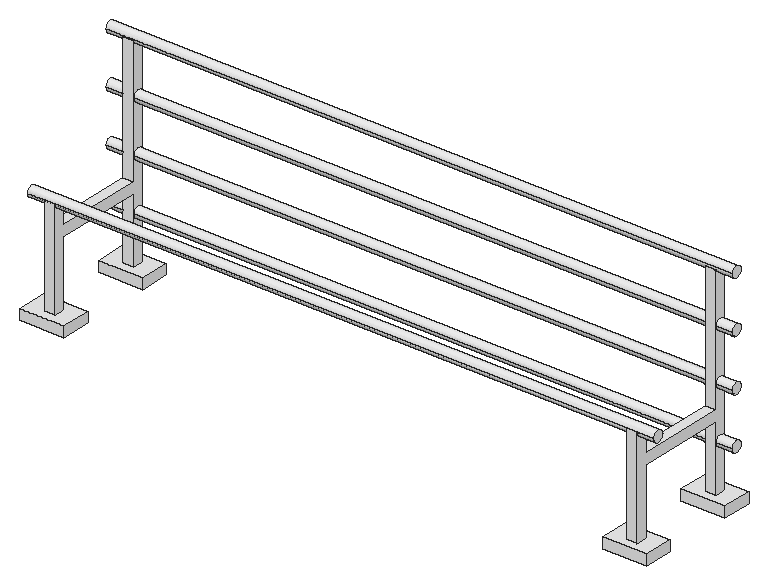
Revit family "Multi_Towel_Rack-Grohe-Essentials_Cube-40512001", category Specialty Equipment, host Face, Revit 2018
Family settings
  Host = Face
  Round Connector Dimension = Use Diameter
  Part Type = Normal
  OmniClass Number = 23.40.20.21.27
  OmniClass Title = Towel Bars
  Cut with Voids When Loaded = No
  Shared = Yes
  Room Calculation Point = No
Parameters (values of type "40512001")
  Width = 600 mm
  Warranty Information = "Limited Lifetime Warranty"  # constant formula
  URL = "https://www.grohe.us/"
  Type Comments = ""
  Product Page URL = "https://www.grohe.us/Towel-Bars/23-5-8-Inch-Multi-Towel-Rack/GROHE-CHROME-40512001"
  Product Documentation Link = "https://americanstandard.box.com/shared/static/gru6hmmfvl31qccbjy0q7b0hdilxrx83.pdf"
  Price = "Prices may vary. Please consult Manufacturer Representative for most up-to-date price list."  # constant formula
  Model = "40512001"
  Material = "Metal-Grohe-001-Starlight Chrome"
  Manufacturer = "Grohe"
  Length = 210 mm
  Installation Type = "Wall Mounted"  # constant formula
  Height = 122 mm
  Finish = Metal-Grohe-001-Starlight Chrome
  Description = "ESSENTIALS CUBE Multi-towel rack"  # constant formula
  Default Elevation = 0 mm
  Creation Date = "05/03/2021"  # constant formula
  Assembly Code = "C1030200"
Reference planes
  plane 1 "Center (Front/Back)": y = 0
  plane 2: z = 0
  plane 3 "Center (Left/Right)": x = 0
  plane 4: x = 279
  plane 5: x = -279
  plane 6: y = 47
  plane 7: y = -47
  plane 8: y = 61
  plane 9: y = 33
  plane 10: y = -33
  plane 11: y = -61
  plane 12: x = 300
  plane 13: x = 258
  plane 14: x = -258
  plane 15: x = -300
  plane 16: z = 210
  plane 17: z = 105
Forms (mm)
  Extrusion 1, solid, material "Metal-Grohe-001-Starlight Chrome" <- "Finish"
    sketch origin (0, 0, 0) x (1, 0, 0) y (0, 1, 0)
      loop
        line (300, 61) -> (258, 61) -> (258, 33) -> (300, 33) -> (300, 61)
      loop
        line (-300, 61) -> (-300, 33) -> (-258, 33) -> (-258, 61) -> (-300, 61)
      loop
        line (-300, -33) -> (-300, -61) -> (-258, -61) -> (-258, -33) -> (-300, -33)
      loop
        line (258, -33) -> (258, -61) -> (300, -61) -> (300, -33) -> (258, -33)
    from 0 to 10
  Extrusion 2, solid, material "Metal-Grohe-001-Starlight Chrome" <- "Finish"
    sketch origin (0, 0, 0) x (1, 0, 0) y (0, 1, 0)
      loop
        line (-284, -42) -> (-284, -52) -> (-274, -52) -> (-274, -42) -> (-284, -42)
    from 0 to 105
  Extrusion 3, solid, material "Metal-Grohe-001-Starlight Chrome" <- "Finish"
    sketch origin (0, 94, 0) x (1, 0, 0) y (0, 1, 0)
      loop
        line (-284, -42) -> (-284, -52) -> (-274, -52) -> (-274, -42) -> (-284, -42)
    from 0 to 203.411
  Extrusion 4, solid, material "Metal-Grohe-001-Starlight Chrome" <- "Finish"
    sketch origin (0, 94, 105) x (0, 1, 0) y (0, 0, 1)
      loop
        circle (-47, 100) r 5
    from -300 to 300
  Extrusion 5, solid, material "Metal-Grohe-001-Starlight Chrome" <- "Finish"
    sketch origin (558, 94, 0) x (1, 0, 0) y (0, 1, 0)
      loop
        line (-284, -42) -> (-284, -52) -> (-274, -52) -> (-274, -42) -> (-284, -42)
    from 0 to 203.411
  Extrusion 6, solid, material "Metal-Grohe-001-Starlight Chrome" <- "Finish"
    sketch origin (0, 94, 55) x (0, 1, 0) y (0, 0, 1)
      loop
        circle (-47, 100) r 5
    from -300 to 300
  Extrusion 7, solid, material "Metal-Grohe-001-Starlight Chrome" <- "Finish"
    sketch origin (0, 94, 5) x (0, 1, 0) y (0, 0, 1)
      loop
        circle (-47, 100) r 5
    from -300 to 300
  Extrusion 8, solid, material "Metal-Grohe-001-Starlight Chrome" <- "Finish"
    sketch origin (0, 94, -45) x (0, 1, 0) y (0, 0, 1)
      loop
        circle (-47, 100) r 5
    from -300 to 300
  Extrusion 9, solid, material "Metal-Grohe-001-Starlight Chrome" <- "Finish"
    sketch origin (0, 0, 0) x (1, 0, 0) y (0, 0, 1)
      loop
        line (-274, 82.829) -> (-284, 82.829) -> (-284, 72.829) -> (-274, 72.829) -> (-274, 82.829)
      loop
        line (274, 82.829) -> (274, 72.829) -> (284, 72.829) -> (284, 82.829) -> (274, 82.829)
    from -47 to 47
  Extrusion 10, solid, material "Metal-Grohe-001-Starlight Chrome" <- "Finish"
    sketch origin (0, 0, 5) x (0, 1, 0) y (0, 0, 1)
      loop
        circle (-47, 100) r 5
    from -300 to 300
  Extrusion 11, solid, material "Metal-Grohe-001-Starlight Chrome" <- "Finish"
    sketch origin (0, 0, 0) x (-1, 0, 0) y (0, -1, 0)
      loop
        line (-284, 42) -> (-274, 42) -> (-274, 52) -> (-284, 52) -> (-284, 42)
    from 0 to 105
Cuts and joins
  joined: Extrusion 2, Extrusion 3, Extrusion 4, Extrusion 5, Extrusion 6, Extrusion 7, Extrusion 8, Extrusion 9, Extrusion 10, Extrusion 11
Lines and regions (mm)
  Masking region 1
    outline origin (0, 0, 0) x (1, 0, 0) y (0, 0, 1)
      loop
        line (300, 210) -> (-300, 210) -> (-300, 200) -> (-284, 200) -> (-284, 160) -> (-300, 160) -> (-300, 150) -> (-284, 150) -> (-284, 110) -> (-300, 110) -> (-300, 100) -> (-284, 100) -> (-284, 60) -> (-300, 60) -> (-300, 50) -> (-284, 50) -> (-284, 10) -> (-300, 10) -> (-300, 0) -> (-258, 0) -> (-258, 10) -> (-274, 10) -> (-274, 50) -> (274, 50) -> (274, 10) -> (258, 10) -> (258, 0) -> (300, 0) -> (300, 10) -> (284, 10) -> (284, 50) -> (300, 50) -> (300, 60) -> (284, 60) -> (284, 100) -> (300, 100) -> (300, 110) -> (284, 110) -> (284, 150) -> (300, 150) -> (300, 160) -> (284, 160) -> (284, 200) -> (300, 200) -> (300, 210)
      loop
        line (274, 200) -> (-274, 200) -> (-274, 160) -> (274, 160) -> (274, 200)
      loop
        line (274, 150) -> (-274, 150) -> (-274, 110) -> (274, 110) -> (274, 150)
      loop
        line (274, 100) -> (-274, 100) -> (-274, 60) -> (274, 60) -> (274, 100)
  symbolic lines, detail levels medium+fine
    curve 1: line (274, 0, 200) -> (274, 0, 203.411)
    curve 2: line (274, 0, 203.411) -> (284, 0, 203.411)
    curve 3: line (284, 0, 203.411) -> (284, 0, 200)
    curve 4: line (284, 0, 160) -> (284, 0, 150)
    curve 5: line (274, 0, 160) -> (274, 0, 150)
    curve 6: line (274, 0, 110) -> (274, 0, 100)
    curve 7: line (284, 0, 110) -> (284, 0, 100)
    curve 8: line (284, 0, 60) -> (284, 0, 50)
    curve 9: line (274, 0, 60) -> (274, 0, 50)
    curve 10: line (274, 0, 10) -> (284, 0, 10)
    curve 11: line (-274, 0, 10) -> (-284, 0, 10)
    curve 12: line (-274, 0, 50) -> (-274, 0, 60)
    curve 13: line (-284, 0, 60) -> (-284, 0, 50)
    curve 14: line (-284, 0, 100) -> (-284, 0, 110)
    curve 15: line (-274, 0, 110) -> (-274, 0, 100)
    curve 16: line (-274, 0, 150) -> (-274, 0, 160)
    curve 17: line (-284, 0, 160) -> (-284, 0, 150)
    curve 18: line (-274, 0, 200) -> (-274, 0, 203.411)
    curve 19: line (-274, 0, 203.411) -> (-284, 0, 203.411)
    curve 20: line (-284, 0, 203.411) -> (-284, 0, 200)
Dimensions and locks
  plane 7 to plane 6 = 94 mm
  plane 5 to plane 4 = 558 mm
  "Height": plane 11 to plane 8
  "Width": plane 15 to plane 12
  "Length": plane 16 to host face
  aligned and locked: plane 2 to host face
  aligned and locked: level to host face
  aligned and locked: Extrusion 1 sketch curve to plane 12
  aligned and locked: Extrusion 1 sketch curve to plane 11
  aligned and locked: plane 13 to Extrusion 1 sketch curve
  aligned and locked: plane 10 to Extrusion 1 sketch curve
  aligned and locked: Extrusion 4 to plane 15
  aligned and locked: plane 12 to Extrusion 4
  aligned and locked: plane 17 to Extrusion 2
  aligned and locked: plane 17 to Extrusion 10
Automatic sketch dimensions
  curve 20 to plane 5 = 5 mm
  plane 5 to curve 18 = 5 mm
  curve 1 to plane 4 = 5 mm
  plane 4 to curve 3 = 5 mm
  plane 16 to curve 2 = 6.589 mm
  plane 16 to curve 18 = 6.589 mm
  curve 13 to plane 5 = 5 mm
  curve 14 to plane 5 = 5 mm
  curve 17 to plane 5 = 5 mm
  curve 11 to plane 5 = 5 mm
  plane 5 to curve 15 = 5 mm
  plane 5 to curve 16 = 5 mm
  plane 5 to curve 12 = 5 mm
  plane 5 to curve 11 = 5 mm
  curve 5 to plane 4 = 5 mm
  curve 10 to plane 4 = 5 mm
  curve 9 to plane 4 = 5 mm
  curve 6 to plane 4 = 5 mm
  plane 4 to curve 7 = 5 mm
  plane 4 to curve 4 = 5 mm
  plane 4 to curve 8 = 5 mm
  plane 4 to curve 10 = 5 mm
  curve 20 to curve 19 = 3.411 mm
  curve 18 to curve 18 = 3.411 mm
  curve 1 to curve 1 = 3.411 mm
  curve 3 to curve 2 = 3.411 mm
  curve 5 to curve 1 = 40 mm
  curve 17 to curve 20 = 40 mm
  curve 4 to curve 5 = 0 mm
  curve 16 to curve 17 = 0 mm
  curve 16 to curve 16 = 10 mm
  curve 4 to curve 4 = 10 mm
  curve 17 to curve 17 = 10 mm
  curve 5 to curve 5 = 10 mm
  plane 17 to curve 6 = 5 mm
  plane 17 to curve 14 = 5 mm
  plane 17 to curve 15 = 5 mm
  plane 17 to curve 7 = 5 mm
  curve 14 to plane 17 = 5 mm
  curve 6 to plane 17 = 5 mm
  curve 7 to plane 17 = 5 mm
  curve 15 to plane 17 = 5 mm
  curve 8 to curve 7 = 40 mm
  curve 12 to curve 15 = 40 mm
  curve 13 to curve 12 = 0 mm
  curve 9 to curve 8 = 0 mm
  curve 8 to curve 8 = 10 mm
  curve 9 to curve 9 = 10 mm
  curve 13 to curve 13 = 10 mm
  curve 12 to curve 12 = 10 mm
  level to curve 11 = 10 mm
  level to curve 10 = 10 mm
  host sketch curve to host sketch curve = 2438.4 mm  (x2)
  plane 10 to Extrusion 1 sketch curve = 0 mm
  Extrusion 1 sketch curve to plane 15 = 0 mm  (x2)
  plane 8 to Extrusion 1 sketch curve = 0 mm  (x2)
  Extrusion 1 sketch curve to plane 14 = 0 mm  (x2)
  Extrusion 1 sketch curve to plane 13 = 0 mm
  Extrusion 1 sketch curve to plane 12 = 0 mm
  plane 11 to Extrusion 1 sketch curve = 0 mm
  plane 9 to Extrusion 1 sketch curve = 0 mm  (x2)
  Extrusion 2 sketch curve to plane 5 = 5 mm
  plane 5 to Extrusion 2 sketch curve = 5 mm
  plane 7 to Extrusion 2 sketch curve = 5 mm
  Extrusion 2 sketch curve to plane 7 = 5 mm
  Extrusion 3 sketch curve to plane 5 = 5 mm
  plane 5 to Extrusion 3 sketch curve = 5 mm
  plane 6 to Extrusion 3 sketch curve = 5 mm
  Extrusion 3 sketch curve to plane 6 = 5 mm
  Extrusion 4 sketch curve to plane 6 = 0 mm
  plane 16 to Extrusion 4 sketch curve = 5 mm
  Extrusion 5 sketch curve to plane 4 = 5 mm
  plane 4 to Extrusion 5 sketch curve = 5 mm
  plane 6 to Extrusion 5 sketch curve = 5 mm
  Extrusion 5 sketch curve to plane 6 = 5 mm
  Extrusion 6 sketch curve to plane 6 = 0 mm
  plane 17 to Extrusion 6 sketch curve = 50 mm
  Extrusion 7 sketch curve to plane 6 = 0 mm
  Extrusion 7 sketch curve to plane 17 = 0 mm
  Extrusion 8 sketch curve to plane 6 = 0 mm
  Extrusion 8 sketch curve to plane 17 = 50 mm
  Extrusion 9 sketch curve to plane 5 = 5 mm
  plane 5 to Extrusion 9 sketch curve = 5 mm
  Extrusion 9 sketch curve to plane 4 = 5 mm
  plane 4 to Extrusion 9 sketch curve = 5 mm
  Extrusion 9 sketch curve to plane 17 = 32.171 mm  (x2)
  Extrusion 9 sketch curve to Extrusion 9 sketch curve = 10 mm  (x2)
  Masking region 1 sketch curve to level = 0 mm  (x2)
  Masking region 1 sketch curve to plane 15 = 0 mm  (x5)
  Masking region 1 sketch curve to plane 14 = 0 mm
  Masking region 1 sketch curve to plane 13 = 0 mm
  Masking region 1 sketch curve to plane 12 = 0 mm  (x5)
  Masking region 1 sketch curve to plane 16 = 0 mm
  Masking region 1 sketch curve to plane 5 = 5 mm  (x4)
  plane 5 to Masking region 1 sketch curve = 5 mm  (x4)
  Masking region 1 sketch curve to plane 4 = 5 mm  (x4)
  plane 4 to Masking region 1 sketch curve = 5 mm  (x4)
  level to Masking region 1 sketch curve = 10 mm  (x3)
  Masking region 1 sketch curve to Masking region 1 sketch curve = 10 mm  (x9)
  Masking region 1 sketch curve to Masking region 1 sketch curve = 40 mm  (x4)
  Masking region 1 sketch curve to Masking region 1 sketch curve = 0 mm  (x2)
  Masking region 1 sketch curve to plane 17 = 5 mm  (x3)
  plane 17 to Masking region 1 sketch curve = 5 mm  (x3)
  plane 16 to Masking region 1 sketch curve = 10 mm
  Extrusion 10 sketch curve to plane 7 = 0 mm
  Extrusion 10 sketch curve to plane 17 = 0 mm
  Extrusion 11 sketch curve to plane 4 = 5 mm
  plane 4 to Extrusion 11 sketch curve = 5 mm
  Extrusion 11 sketch curve to plane 7 = 5 mm
  plane 7 to Extrusion 11 sketch curve = 5 mm
  radius of Extrusion 4 sketch curve = 5 mm
  radius of Extrusion 6 sketch curve = 5 mm
  radius of Extrusion 7 sketch curve = 5 mm
  radius of Extrusion 8 sketch curve = 5 mm
  radius of Extrusion 10 sketch curve = 5 mm
